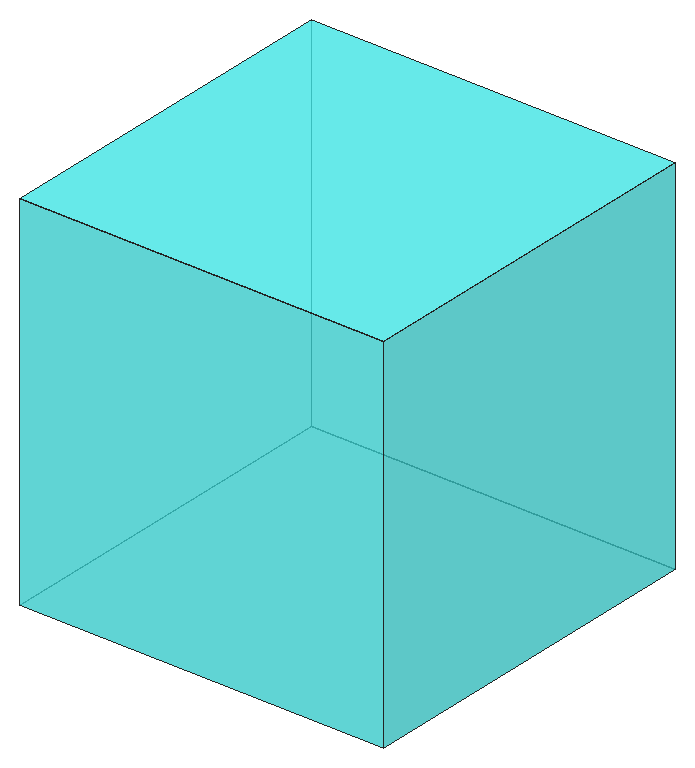
Revit family "Space Planning Box_hec", category Generic Models, Revit 2022
Family settings
  Can host rebar = No
  Round Connector Dimension = Use Diameter
  Part Type = Normal
  Work Plane-Based = No
  Always vertical = Yes
  Cut with Voids When Loaded = No
  Maintain Annotation Orientation = No
  Shared = No
  Room Calculation Point = No
Parameters
  Width [instance] = 5' - 0"
  Type Comments = "..."
  Room Name [instance] = "?"
  Program Area [instance] = 0.00 SF
  Length [instance] = 5' - 0"
  Interior Finish [instance] = ""
  Height [instance] = 5' - 0"
  Fill Color [instance] = Cyan
  Exterior Finish [instance] = ""
  Default Elevation = 0' - 0"
  Assembly Code = "..."
  Area [instance] = Width * Length  # 25.00 SF
Reference planes (in)
  plane 1 "Center (Front/Back)": y = 0
  plane 2: z = 0
  plane 3 "Center (Left/Right)": x = 0
  plane 4 "Right": x = 30
  plane 5 "Left": x = -30
  plane 6 "Back": y = 30
  plane 7 "Front": y = -30
  plane 8: z = 60
Forms (in)
  Extrusion 1, solid, material "Cyan" <- "Fill Color"
    sketch origin (0, 0, 0) x (1, 0, 0) y (0, 1, 0)
      loop
        line (-30, 30) -> (-30, -30) -> (30, -30) -> (30, 30) -> (-30, 30)
    from 0 to 60
Dimensions and locks (in)
  equal spacing: plane 5 "Left", plane 3 "Center (Left/Right)", plane 4 "Right"
  equal spacing: plane 6 "Back", plane 1 "Center (Front/Back)", plane 7 "Front"
  "Width": plane 5 "Left" to plane 4 "Right"
  "Length": plane 6 "Back" to plane 7 "Front"
  "Height": plane 8 to level
  aligned and locked: plane 2 to level
  aligned and locked: Extrusion 1 sketch curve to plane 6 "Back"
  aligned and locked: plane 5 "Left" to Extrusion 1 sketch curve
  aligned and locked: plane 7 "Front" to Extrusion 1 sketch curve
  aligned and locked: Extrusion 1 sketch curve to plane 4 "Right"
  aligned and locked: plane 8 to Extrusion 1
